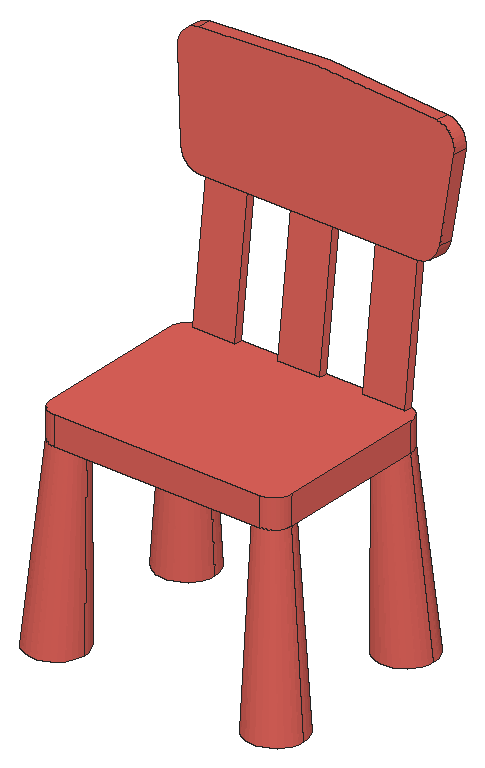
Revit family
Reference planes
  plane 1 "Mitte (Vorne/hinten)": y = 0
  plane 2: z = 0
  plane 3 "Mitte (Links/rechts)": x = 0
Forms (mm)
  Blend 1, solid, material "_IKEA_Mammut_rot"
    base sketch origin (1114.917, -663.082, 0) x (1, 0, 0) y (0, 1, 0)
      loop
        circle (-1269.917, 778.082) r 40
    top sketch origin (1114.917, -663.082, 0) x (1, 0, 0) y (0, 1, 0)
      loop
        circle (-1259.917, 768.082) r 25
    from 0 to 260
  Blend 2, solid, material "_IKEA_Mammut_rot"
    base sketch origin (-1114.917, -663.082, 0) x (-1, 0, 0) y (0, -1, 0)
      loop
        circle (-1269.917, -778.082) r 40
    top sketch origin (-1114.917, -663.082, 0) x (-1, 0, 0) y (0, -1, 0)
      loop
        circle (-1259.917, -768.082) r 25
    from 0 to 260
  Blend 3, solid, material "_IKEA_Mammut_rot"
    base sketch origin (1114.917, 663.082, 0) x (1, 0, 0) y (0, 1, 0)
      loop
        circle (-1269.917, -778.082) r 40
    top sketch origin (1114.917, 663.082, 0) x (1, 0, 0) y (0, 1, 0)
      loop
        circle (-1259.917, -768.082) r 25
    from 0 to 260
  Blend 4, solid, material "_IKEA_Mammut_rot"
    base sketch origin (-1114.917, 663.082, 0) x (-1, 0, 0) y (0, -1, 0)
      loop
        circle (-1269.917, 778.082) r 40
    top sketch origin (-1114.917, 663.082, 0) x (-1, 0, 0) y (0, -1, 0)
      loop
        circle (-1259.917, 768.082) r 25
    from 0 to 260
  Extrusion 5, solid, material "_IKEA_Mammut_rot"
    sketch origin (0, 0, 0) x (1, 0, 0) y (0, 1, 0)
      loop
        arc (-145, 130) -> (-162.678, 122.678) -> (-170, 105) r 25
        line (-170, 105) -> (-170, -105)
        arc (-170, -105) -> (-162.678, -122.678) -> (-145, -130) r 25
        line (-145, -130) -> (145, -130)
        arc (145, -130) -> (162.678, -122.678) -> (170, -105) r 25
        line (170, -105) -> (170, 105)
        arc (170, 105) -> (162.678, 122.678) -> (145, 130) r 25
        line (145, 130) -> (-145, 130)
    from 260 to 300
  Extrusion 6, solid, material "_IKEA_Mammut_rot"
    sketch origin (0, 83.439, 2.236) x (1, 0, 0) y (0, -0.121869, -0.992546)
      loop
        line (-30, -300) -> (-30, -485) -> (30, -485) -> (30, -300) -> (-30, -300)
      loop
        line (-150, -300) -> (-150, -485) -> (-90, -485) -> (-90, -300) -> (-150, -300)
      loop
        line (90, -300) -> (90, -485) -> (150, -485) -> (150, -300) -> (90, -300)
    from 0 to 10
  Extrusion 7, solid, material "_IKEA_Mammut_rot"
    sketch origin (0, 95.258, 0.555) x (1, 0, 0) y (0, -0.087156, -0.996195)
      loop
        arc (-152.576, -485) -> (-172.616, -492.676) -> (-182.402, -511.776) r 30
        line (-182.402, -511.776) -> (-195, -628.308)
        arc (-195, -628.308) -> (-188.553, -650.331) -> (-168.428, -661.356) r 30
        arc (-168.428, -661.356) -> (0, -670.517) -> (168.428, -661.356) r 1552.778
        arc (168.428, -661.356) -> (188.553, -650.331) -> (195, -628.308) r 30
        line (195, -628.308) -> (182.402, -511.776)
        arc (182.402, -511.776) -> (172.616, -492.676) -> (152.576, -485) r 30
        line (152.576, -485) -> (-152.576, -485)
    from 0 to 20
Cuts and joins
  joined: Blend 1, Blend 2, Blend 3, Blend 4, Extrusion 5
  joined: Extrusion 6, Extrusion 7
